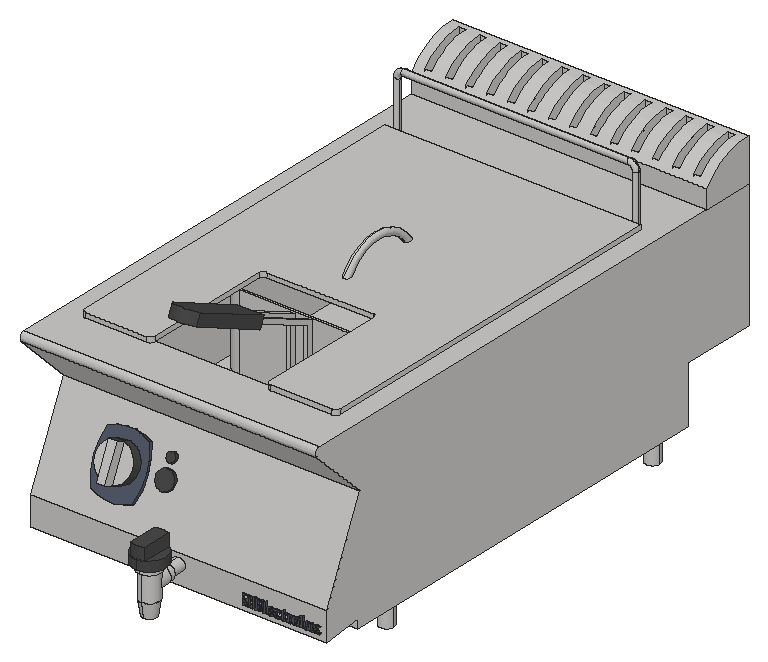
Revit family "QF_ELECTROLUXPROFESSIONAL_371066_E7FRGD1B00", category Specialty Equipment, Revit 2018
Family settings
  Round Connector Dimension = Use Diameter
  Part Type = Normal
  Work Plane-Based = No
  Always vertical = Yes
  Cut with Voids When Loaded = No
  Shared = No
  Room Calculation Point = No
Parameters
  Width = 400 mm  # constant formula
  Weight in Pounds = 66  # constant formula
  Watts = 0 W
  URL Cutsheet = "www.electrolux.com/foodservice"
  URL = "www.electrolux.com/foodservice"
  Type Mark [instance] = ""
  Status [instance] = ""
  Specification by User [instance] = ""
  Specification by Manufacturer = ""
  Show Logo [instance] = yes
  Show Clearance [instance] = yes
  Serial Number = ""
  Seismic Rating = ""
  SMACNA No = ""
  Revision Code [instance] = ""
  Omniclass Number and Title = ""
  NAFEM Spec ID Number = ""
  Model = "371066"
  Mechanical Remarks [instance] = ""
  Mechanical Connection Type [instance] = ""
  Masterspec = ""
  Manufacturer = "ELECTROLUX"
  Item Number [instance] = ""
  Installed By [instance] = ""
  Identify Quantity as Lot [instance] = yes
  Height = 333 mm  # constant formula
  HP = "0 HP"
  Gas Size = 12.7 mm  # 1/2"
  Gas RI Height [instance] = 0 mm
  Gas KW [instance] = 7  # constant formula
  Gas Input [instance] = 6993.55 VA  # 23863.0 Btu/h
  Gas Connection Height = 0 mm
  Furnished By [instance] = ""
  Foodservice Equipment Identifier [instance] = yes
  Direct Waste Size = 0"
  Description = "700XP One 7 Lt. Well Gas Fryer Top - LPG/Natural Gas"
  Depth = 730 mm  # constant formula
  CSI MasterFormat = ""
  CSI Master Format = ""
  Base Height [instance] = 25.4 mm  # constant formula
Reference planes
  plane 1 "BACK": y = 0
  plane 2: z = 0
  plane 3 "LEFT": x = 0
  plane 4 "RIGHT": x = 400
  plane 5 "FRONT": y = -730
  plane 6 "TOP": z = 333
  plane 7 "Center Y": x = 200
  plane 8 "Center X": y = -365
  plane 9 "BASE": z = 25.4
  plane 10 "TOP A": z = 274.638
  plane 11: y = -597.884
  plane 12: y = -147.637
Forms (mm)
  Extrusion 1, solid, material "QF_Finishes_Stainless Steel"
    sketch origin (0, 0, 0) x (0, 1, 0) y (0, 0, 1)
      loop
        line (0, 274.638) -> (-725.027, 274.638)
        arc (-725.027, 274.638) -> (-730.893, 270.718) -> (-729.517, 263.797) r 6.35
        line (-729.517, 263.797) -> (-657.416, 191.447) -> (-713.522, 70.59) -> (-713.522, 32.49) -> (-660.4, 38.1) -> (-660.4, 25.4) -> (-101.6, 25.4) -> (-101.6, 103.188) -> (0, 103.188) -> (0, 274.638)
    from 0 to 400
  Extrusion 2, solid, material "QF_Finishes_Stainless Steel"
    sketch origin (0, 0, 0) x (0, 1, 0) y (0, 0, 1)
      loop
        line (0, 274.638) -> (0, 333)
        arc (0, 333) -> (-38.795, 324.72) -> (-69.85, 300.038) r 86.758
        line (-69.85, 300.038) -> (-69.85, 274.638) -> (0, 274.638)
    from 0 to 400
  Extrusion 3, void
    sketch origin (0, 0, 274.638) x (-1, 0, 0) y (0, -1, 0)
      loop
        line (-33.338, 147.762) -> (-33.338, 655.762) -> (-366.662, 655.762) -> (-366.662, 147.762) -> (-33.338, 147.762)
    from 0 to -152.4
  Extrusion 4, solid, material "QF_Finishes_Stainless Steel"
    sketch origin (0, 0, 274.638) x (-1, 0, 0) y (0, -1, 0)
      loop
        arc (-26.988, 655.762) -> (-28.847, 660.252) -> (-33.338, 662.112) r 6.35
        line (-33.338, 662.112) -> (-115.863, 662.112)
        arc (-115.863, 662.112) -> (-120.353, 660.252) -> (-122.213, 655.762) r 6.35
        line (-122.213, 655.762) -> (-122.213, 481.137)
        arc (-122.213, 481.137) -> (-124.072, 476.646) -> (-128.563, 474.787) r 6.35
        line (-128.563, 474.787) -> (-271.412, 474.787)
        arc (-271.412, 474.787) -> (-275.903, 476.646) -> (-277.762, 481.137) r 6.35
        line (-277.762, 481.137) -> (-277.762, 655.762)
        arc (-277.762, 655.762) -> (-279.622, 660.252) -> (-284.112, 662.112) r 6.35
        line (-284.112, 662.112) -> (-366.662, 662.112)
        arc (-366.662, 662.112) -> (-371.153, 660.252) -> (-373.012, 655.762) r 6.35
        line (-373.012, 655.762) -> (-373.012, 147.762) -> (-26.988, 147.762) -> (-26.988, 655.762)
    from 0 to 6.35
  Sweep 5, solid, material "QF_Finishes_Stainless Steel"
    path origin (200, 0, 0) x (0, 1, 0) y (0, 0, 1)
      loop
        arc (-323.261, 274.638) -> (-377.7, 308.416) -> (-432.139, 274.638) r 60.757
    profile origin (200, -377.7, 308.416) x (0, 0, -1) y (1, 0, 0)
      loop
        circle (0, 0) r 4.353
  Sweep 6, solid, material "QF_Finishes_Stainless Steel"
    path origin (0, 0, 0) x (1, 0, 0) y (0, 0, 1)
      loop
        line (39.688, 274.263) -> (39.688, 339.35)
        arc (39.688, 339.35) -> (41.547, 343.84) -> (46.038, 345.7) r 6.35
        line (46.038, 345.7) -> (352.25, 345.7)
        arc (352.25, 345.7) -> (356.74, 343.84) -> (358.6, 339.35) r 6.35
        line (358.6, 339.35) -> (358.6, 274.263)
    profile origin (39.688, 0, 306.806) x (-1, 0, 0) y (0, -1, 0)
      loop
        circle (2.09, 140.754) r 3.827
  Extrusion 7, void
    sketch origin (0, 0, 274.638) x (-1, 0, 0) y (0, -1, 0)
      loop
        line (-13.453, 6.761) -> (-13.453, 63.911) -> (-22.749, 63.911) -> (-22.749, 6.761) -> (-13.453, 6.761)
    from 25.4 to 63.5
  Extrusion 8, void
    sketch origin (400.05, 0, 274.638) x (1, 0, 0) y (0, 1, 0)
      loop
        line (-13.503, -6.761) -> (-22.799, -6.761) -> (-22.799, -63.911) -> (-13.503, -63.911) -> (-13.503, -6.761)
    from 25.4 to 63.5
  Extrusion 9, void
    sketch origin (27.988, 0, 274.638) x (-1, 0, 0) y (0, -1, 0)
      loop
        line (-13.453, 6.761) -> (-13.453, 63.911) -> (-22.749, 63.911) -> (-22.749, 6.761) -> (-13.453, 6.761)
    from 25.4 to 63.5
  Extrusion 10, void
    sketch origin (55.977, 0, 274.638) x (-1, 0, 0) y (0, -1, 0)
      loop
        line (-13.453, 6.761) -> (-13.453, 63.911) -> (-22.749, 63.911) -> (-22.749, 6.761) -> (-13.453, 6.761)
    from 25.4 to 63.5
  Extrusion 11, void
    sketch origin (83.965, 0, 274.638) x (-1, 0, 0) y (0, -1, 0)
      loop
        line (-13.428, 6.761) -> (-13.428, 63.911) -> (-22.724, 63.911) -> (-22.724, 6.761) -> (-13.428, 6.761)
    from 25.4 to 63.5
  Extrusion 12, void
    sketch origin (111.953, 0, 274.638) x (-1, 0, 0) y (0, -1, 0)
      loop
        line (-13.428, 6.761) -> (-13.428, 63.911) -> (-22.724, 63.911) -> (-22.724, 6.761) -> (-13.428, 6.761)
    from 25.4 to 63.5
  Extrusion 13, void
    sketch origin (139.942, 0, 274.638) x (-1, 0, 0) y (0, -1, 0)
      loop
        line (-13.428, 6.761) -> (-13.428, 63.911) -> (-22.724, 63.911) -> (-22.724, 6.761) -> (-13.428, 6.761)
    from 25.4 to 63.5
  Extrusion 14, void
    sketch origin (167.93, 0, 274.638) x (-1, 0, 0) y (0, -1, 0)
      loop
        line (-13.428, 6.761) -> (-13.428, 63.911) -> (-22.724, 63.911) -> (-22.724, 6.761) -> (-13.428, 6.761)
    from 25.4 to 63.5
  Extrusion 15, void
    sketch origin (195.918, 0, 274.638) x (-1, 0, 0) y (0, -1, 0)
      loop
        line (-13.428, 6.761) -> (-13.428, 63.911) -> (-22.724, 63.911) -> (-22.724, 6.761) -> (-13.428, 6.761)
    from 25.4 to 63.5
  Extrusion 16, void
    sketch origin (223.907, 0, 274.638) x (-1, 0, 0) y (0, -1, 0)
      loop
        line (-13.428, 6.761) -> (-13.428, 63.911) -> (-22.724, 63.911) -> (-22.724, 6.761) -> (-13.428, 6.761)
    from 25.4 to 63.5
  Extrusion 17, void
    sketch origin (251.895, 0, 274.638) x (-1, 0, 0) y (0, -1, 0)
      loop
        line (-13.428, 6.761) -> (-13.428, 63.911) -> (-22.724, 63.911) -> (-22.724, 6.761) -> (-13.428, 6.761)
    from 25.4 to 63.5
  Extrusion 18, void
    sketch origin (279.884, 0, 274.638) x (-1, 0, 0) y (0, -1, 0)
      loop
        line (-13.403, 6.761) -> (-13.403, 63.911) -> (-22.699, 63.911) -> (-22.699, 6.761) -> (-13.403, 6.761)
    from 25.4 to 63.5
  Extrusion 19, void
    sketch origin (307.872, 0, 274.638) x (-1, 0, 0) y (0, -1, 0)
      loop
        line (-13.403, 6.761) -> (-13.403, 63.911) -> (-22.699, 63.911) -> (-22.699, 6.761) -> (-13.403, 6.761)
    from 25.4 to 63.5
  Extrusion 20, void
    sketch origin (335.86, 0, 274.638) x (-1, 0, 0) y (0, -1, 0)
      loop
        line (-13.403, 6.761) -> (-13.403, 63.911) -> (-22.699, 63.911) -> (-22.699, 6.761) -> (-13.403, 6.761)
    from 25.4 to 63.5
  Extrusion 21, solid, material "QF_Finishes_Stainless Steel"
    sketch origin (0, 0, 0) x (1, 0, 0) y (0, 1, 0)
      loop
        circle (11.112, -147.638) r 9.525
      loop
        circle (11.112, -597.884) r 9.525
      loop
        circle (388.887, -147.638) r 9.525
      loop
        circle (388.887, -597.884) r 9.525
    from 0 to 25.4
  Extrusion 22, solid, material "QF_Finishes_Navy Blue"
    sketch origin (-60.325, -713.522, 70.59) x (0, 0.421077, 0.907025) y (-1, 0, 0)
      loop
        arc (101.077, -132.565) -> (66.2, -125.548) -> (31.333, -132.61) r 89.894
        arc (31.333, -132.61) -> (24.638, -161.14) -> (31.333, -189.671) r 64.14
        arc (31.333, -189.671) -> (66.2, -196.736) -> (101.077, -189.715) r 89.853
        arc (101.077, -189.715) -> (107.792, -161.14) -> (101.077, -132.565) r 64.16
    from 0 to 3.175
  Extrusion 23, solid, material "QF_Finishes_Stainless Steel"
    sketch origin (-60.325, -716.402, 71.927) x (0, 0.421077, 0.907025) y (-1, 0, 0)
      loop
        circle (68.826, -160.963) r 25.4
    from 0 to 12.7
  Extrusion 24, solid, material "QF_Finishes_Stainless Steel"
    sketch origin (-60.325, -727.921, 77.275) x (0, 0.421077, 0.907025) y (-1, 0, 0)
      loop
        arc (93.558, -166.749) -> (94.226, -160.963) -> (93.558, -155.177) r 25.4
        line (93.558, -155.177) -> (44.094, -155.177)
        arc (44.094, -155.177) -> (43.426, -160.963) -> (44.094, -166.749) r 25.4
        line (44.094, -166.749) -> (93.558, -166.749)
    from 0 to 12.7
  Extrusion 25, solid, material "QF_Finishes_Black"
    sketch origin (0, -713.522, 70.59) x (0, 0.421077, 0.907025) y (-1, 0, 0)
      loop
        circle (93.566, -160.648) r 6.35
    from 0 to 3.175
  Extrusion 26, solid, material "QF_Finishes_Black"
    sketch origin (0, -713.522, 70.59) x (0, 0.421077, 0.907025) y (-1, 0, 0)
      loop
        circle (68.272, -160.648) r 12.7
    from 0 to 3.175
  Revolve 27, solid, material "QF_Finishes_Stainless Steel"
    sketch origin (200.025, 0, 0) x (0, 1, 0) y (0, 0, 1)
      loop
        line (-762.926, 17.277) -> (-753.917, 17.277) -> (-750.301, 37.788) -> (-750.301, 74.129) -> (-747.023, 74.129) -> (-747.023, 82.008) -> (-740.673, 82.008) -> (-740.673, 94.708) -> (-762.926, 94.708) -> (-762.926, 17.277)
      axis (-762.926, 17.277) -> (-762.926, 94.708)
    angle from 0 to 360
  Revolve 28, solid, material "QF_Finishes_Stainless Steel"
    sketch origin (200.025, 0, 0) x (0, 1, 0) y (0, 0, 1)
      loop
        line (-713.522, 57.15) -> (-764.322, 57.15) -> (-764.322, 44.847) -> (-742.357, 44.847) -> (-742.357, 46.549) -> (-733.364, 46.549) -> (-733.364, 48.596) -> (-713.522, 48.596) -> (-713.522, 57.15)
      axis (-764.322, 57.15) -> (-713.522, 57.15)
    angle from 0 to 360
  Extrusion 29, solid, material "QF_Finishes_Black"
    sketch origin (200.025, -762.926, 94.708) x (0, 1, 0) y (-1, 0, 0)
      loop
        line (20.063, 9.626) -> (-20.063, 9.626)
        arc (-20.063, 9.626) -> (-22.253, 0) -> (-20.063, -9.626) r 22.253
        line (-20.063, -9.626) -> (20.063, -9.626)
        arc (20.063, -9.626) -> (22.253, 0) -> (20.063, 9.626) r 22.253
    from 0 to 16.412
  Extrusion 30, solid, material "QF_Finishes_Stainless Steel"
    sketch origin (0, -101.6, 103.188) x (0, 0, -1) y (-1, 0, 0)
      loop
        circle (43.882, -336.5) r 6.35
    from 0 to 12.7
  Extrusion 31, solid, material "QF_Finishes_Clearance", visible <- "Show Clearance", detail levels coarse
    sketch origin (0, 0, 0) x (1, 0, 0) y (0, 1, 0)
      loop
        line (0, -731.377) -> (0, 0) -> (400, 0) -> (400, -731.377) -> (550.019, -731.377) -> (550.019, 150.019) -> (-150.019, 150.019) -> (-150.019, -731.377) -> (0, -731.377)
    from 0 to 333
  Extrusion 32, solid, material "QF_Finishes_Black"
    sketch origin (265.962, -708.83, 366.66) x (0, 0.906308, -0.422618) y (-1, 0, 0)
      loop
        line (10.103, 47.345) -> (128.716, 47.345) -> (128.716, 84.58) -> (10.103, 84.58)
        arc (10.103, 84.58) -> (-0.124, 65.962) -> (10.103, 47.345) r 22.059
    from -15.884 to 0
  Extrusion 33, solid, material "QF_Finishes_Stainless Steel"
    sketch origin (265.962, 41.275, 0) x (0, 1, 0) y (0, 0, 1)
      loop
        line (-547.91, 165.638) -> (-547.91, 267.115) -> (-635.463, 307.942) -> (-638.147, 302.187) -> (-554.26, 263.07) -> (-554.26, 165.638) -> (-547.91, 165.638)
    from -80.476 to -74.619
  Extrusion 34, solid, material "QF_Finishes_Stainless Steel"
    sketch origin (134.088, 41.275, 0) x (0, 1, 0) y (0, 0, -1)
      loop
        line (-554.26, -263.07) -> (-638.147, -302.187) -> (-635.463, -307.942) -> (-547.91, -267.115) -> (-547.91, -165.638) -> (-554.26, -165.638) -> (-554.26, -263.07)
    from -80.476 to -74.619
  Extrusion 35, solid, material "QF_Finishes_Mesh"
    sketch origin (0, 0, 274.638) x (-1, 0, 0) y (0, -1, 0)
      loop
        arc (-116.6, 189.135) -> (-98.64, 196.575) -> (-91.2, 214.535) r 25.4
        line (-91.2, 214.535) -> (-91.2, 481.11)
        arc (-91.2, 481.11) -> (-98.64, 499.071) -> (-116.6, 506.51) r 25.4
        line (-116.6, 506.51) -> (-294.375, 506.51)
        arc (-294.375, 506.51) -> (-312.336, 499.071) -> (-319.775, 481.11) r 25.4
        line (-319.775, 481.11) -> (-319.775, 214.535)
        arc (-319.775, 214.535) -> (-312.336, 196.575) -> (-294.375, 189.135) r 25.4
        line (-294.375, 189.135) -> (-116.6, 189.135)
      loop
        arc (-116.6, 192.31) -> (-100.885, 198.82) -> (-94.375, 214.535) r 22.225
        line (-94.375, 214.535) -> (-94.375, 481.11)
        arc (-94.375, 481.11) -> (-100.885, 496.826) -> (-116.6, 503.335) r 22.225
        line (-116.6, 503.335) -> (-294.375, 503.335)
        arc (-294.375, 503.335) -> (-310.091, 496.826) -> (-316.6, 481.11) r 22.225
        line (-316.6, 481.11) -> (-316.6, 214.535)
        arc (-316.6, 214.535) -> (-310.091, 198.82) -> (-294.375, 192.31) r 22.225
        line (-294.375, 192.31) -> (-116.6, 192.31)
    from -109 to -5.315
  Extrusion 36, solid, material "QF_Finishes_Navy Blue", visible <- "Show Logo"
    sketch origin (0, -713.772, 32.49) x (0, 0, 1) y (-1, 0, 0)
      loop
        line (20.674, -296.698) -> (8.307, -296.698)
        arc (8.307, -296.698) -> (14.491, -301.27) -> (20.674, -296.698) r 6.467
      loop
        arc (20.674, -296.069) -> (19.505, -290.926) -> (14.849, -288.448) r 6.338
        line (14.849, -288.448) -> (14.849, -290.494)
        arc (14.849, -290.494) -> (16.333, -294.149) -> (19.778, -296.069) r 5.941
        line (19.778, -296.069) -> (20.674, -296.069)
      loop
        arc (9.203, -296.069) -> (12.648, -294.149) -> (14.132, -290.494) r 5.941
        line (14.132, -290.494) -> (14.132, -288.448)
        arc (14.132, -288.448) -> (9.438, -290.922) -> (8.148, -296.069) r 6.504
        line (8.148, -296.069) -> (9.203, -296.069)
      loop
        line (21.349, -287.979) -> (7.604, -287.979) -> (7.604, -301.742) -> (21.349, -301.742) -> (21.349, -287.979)
      loop
        arc (21.432, -304.71) -> (21.085, -304.352) -> (20.718, -304.69) r 0.358
        arc (20.718, -304.69) -> (20.404, -305.44) -> (19.687, -305.825) r 1.216
        line (19.687, -305.825) -> (9.274, -305.825)
        arc (9.274, -305.825) -> (8.614, -305.548) -> (8.218, -304.951) r 1.238
        arc (8.218, -304.951) -> (7.823, -304.7) -> (7.518, -305.054) r 0.358
        line (7.518, -305.054) -> (7.518, -314.933) -> (10.269, -314.933) -> (10.269, -314.036)
        arc (10.269, -314.036) -> (9.36, -313.456) -> (8.904, -312.479) r 1.928
        line (8.904, -312.479) -> (8.904, -309.98)
        arc (8.904, -309.98) -> (9.18, -309.251) -> (9.868, -308.887) r 1.101
        line (9.868, -308.887) -> (13.955, -308.887) -> (13.955, -312.561)
        arc (13.955, -312.561) -> (13.602, -313.058) -> (13.037, -313.286) r 1.083
        arc (13.037, -313.286) -> (12.773, -313.591) -> (13.065, -313.869) r 0.292
        line (13.065, -313.869) -> (16.028, -313.869)
        arc (16.028, -313.869) -> (16.33, -313.596) -> (16.092, -313.266) r 0.305
        arc (16.092, -313.266) -> (15.601, -313.018) -> (15.296, -312.561) r 1.083
        line (15.296, -312.561) -> (15.296, -308.887) -> (19.973, -308.887) -> (19.973, -312.635)
        arc (19.973, -312.635) -> (19.759, -313.39) -> (19.153, -313.888) r 1.314
        arc (19.153, -313.888) -> (18.934, -314.292) -> (19.288, -314.585) r 0.361
        line (19.288, -314.585) -> (21.432, -314.585) -> (21.432, -304.71)
      loop
        arc (20.715, -315.365) -> (20.335, -316.284) -> (19.416, -316.664) r 1.299
        line (19.416, -316.664) -> (9.837, -316.664)
        arc (9.837, -316.664) -> (8.999, -316.286) -> (8.728, -315.408) r 1.118
        line (8.728, -315.408) -> (7.518, -315.408) -> (7.518, -320.758) -> (8.706, -320.758)
        arc (8.706, -320.758) -> (8.978, -319.841) -> (9.848, -319.445) r 1.153
        line (9.848, -319.445) -> (21.92, -319.445) -> (20.715, -315.365)
      loop
        line (12.483, -323.394) -> (12.483, -329.842) -> (13.282, -329.842)
        arc (13.282, -329.842) -> (15.862, -328.857) -> (17.131, -326.404) r 3.874
        line (17.131, -326.404) -> (17.131, -324.643)
        arc (17.131, -324.643) -> (15.944, -321.778) -> (13.08, -320.592) r 4.051
        line (13.08, -320.592) -> (11.072, -320.592)
        arc (11.072, -320.592) -> (8.253, -322.077) -> (7.202, -325.084) r 4.352
        arc (7.202, -325.084) -> (7.566, -327.547) -> (8.943, -329.621) r 5.713
        line (8.943, -329.621) -> (9.892, -329.621)
        arc (9.892, -329.621) -> (9.16, -328.052) -> (8.943, -326.334) r 5.579
        arc (8.943, -326.334) -> (9.737, -324.371) -> (11.616, -323.394) r 3.057
        line (11.616, -323.394) -> (12.483, -323.394)
      loop
        line (13.742, -323.394) -> (13.742, -326.977)
        arc (13.742, -326.977) -> (15.199, -327.024) -> (16.082, -325.864) r 1.59
        line (16.082, -325.864) -> (16.082, -325.034)
        arc (16.082, -325.034) -> (15.217, -323.779) -> (13.742, -323.394) r 2.184
      loop
        arc (16.533, -339.259) -> (17.022, -337.585) -> (17.179, -335.848) r 9.023
        line (17.179, -335.848) -> (17.179, -334.486)
        arc (17.179, -334.486) -> (16.02, -331.686) -> (13.22, -330.527) r 3.959
        line (13.22, -330.527) -> (10.62, -330.527)
        arc (10.62, -330.527) -> (8.338, -331.819) -> (7.221, -334.192) r 4.331
        line (7.221, -334.192) -> (7.221, -336.327)
        arc (7.221, -336.327) -> (7.729, -337.877) -> (8.651, -339.223) r 5.772
        arc (8.651, -339.223) -> (9.412, -339.274) -> (9.499, -338.515) r 0.553
        arc (9.499, -338.515) -> (9.111, -337.781) -> (8.977, -336.962) r 2.573
        line (8.977, -336.962) -> (8.977, -335.447)
        arc (8.977, -335.447) -> (9.983, -333.806) -> (11.798, -333.163) r 2.884
        line (11.798, -333.163) -> (13.077, -333.163)
        arc (13.077, -333.163) -> (14.898, -333.723) -> (15.824, -335.388) r 2.554
        line (15.824, -335.388) -> (15.824, -336.441)
        arc (15.824, -336.441) -> (15.493, -337.369) -> (14.836, -338.104) r 2.564
        arc (14.836, -338.104) -> (14.614, -338.821) -> (15.223, -339.259) r 0.643
        line (15.223, -339.259) -> (16.533, -339.259)
      loop
        line (15.515, -339.53) -> (15.515, -341.031) -> (9.467, -341.031)
        arc (9.467, -341.031) -> (7.879, -341.688) -> (7.221, -343.276) r 2.246
        line (7.221, -343.276) -> (7.221, -344.86)
        arc (7.221, -344.86) -> (7.535, -345.725) -> (8.035, -346.496) r 4.06
        arc (8.035, -346.496) -> (8.768, -346.629) -> (9.019, -345.928) r 0.576
        arc (9.019, -345.928) -> (8.913, -345.403) -> (8.977, -344.87) r 1.69
        arc (8.977, -344.87) -> (9.519, -344.082) -> (10.425, -343.779) r 1.506
        line (10.425, -343.779) -> (15.563, -343.779) -> (15.563, -346.176) -> (16.119, -346.733) -> (16.941, -346.733) -> (16.941, -343.873) -> (20.172, -343.873) -> (15.515, -339.53)
      loop
        line (7.438, -347.63) -> (7.438, -353.017) -> (8.548, -353.017)
        arc (8.548, -353.017) -> (8.942, -352.066) -> (9.893, -351.672) r 1.345
        line (9.893, -351.672) -> (13.509, -351.672)
        arc (13.509, -351.672) -> (14.274, -352.264) -> (14.564, -353.186) r 1.615
        line (14.564, -353.186) -> (14.564, -354.742) -> (17.119, -355.427) -> (17.119, -354.044) -> (15.177, -351.485) -> (17.057, -351.485) -> (16.773, -348.779)
        arc (16.773, -348.779) -> (16.333, -348.249) -> (15.674, -348.45) r 0.621
        arc (15.674, -348.45) -> (15.274, -348.792) -> (14.78, -348.975) r 1.501
        line (14.78, -348.975) -> (9.893, -348.975)
        arc (9.893, -348.975) -> (8.942, -348.581) -> (8.548, -347.63) r 1.345
        line (8.548, -347.63) -> (7.438, -347.63)
      loop
        line (13.54, -354.964) -> (10.848, -354.964)
        arc (10.848, -354.964) -> (8.403, -356.272) -> (7.269, -358.803) r 4.288
        arc (7.269, -358.803) -> (7.205, -360.183) -> (7.269, -361.563) r 15.022
        arc (7.269, -361.563) -> (8.403, -364.094) -> (10.848, -365.401) r 4.288
        line (10.848, -365.401) -> (13.54, -365.401)
        arc (13.54, -365.401) -> (15.986, -364.094) -> (17.119, -361.563) r 4.288
        arc (17.119, -361.563) -> (17.183, -360.183) -> (17.119, -358.803) r 15.022
        arc (17.119, -358.803) -> (15.986, -356.272) -> (13.54, -354.964) r 4.288
      loop
        line (13.745, -358.078) -> (10.643, -358.078)
        arc (10.643, -358.078) -> (8.486, -360.235) -> (10.643, -362.392) r 2.157
        line (10.643, -362.392) -> (13.745, -362.392)
        arc (13.745, -362.392) -> (15.902, -360.235) -> (13.745, -358.078) r 2.157
      loop
        arc (20.726, -365.26) -> (20.355, -366.154) -> (19.461, -366.524) r 1.264
        line (19.461, -366.524) -> (9.597, -366.524)
        arc (9.597, -366.524) -> (8.727, -366.127) -> (8.455, -365.211) r 1.153
        line (8.455, -365.211) -> (7.518, -365.211) -> (7.518, -370.319) -> (8.446, -370.319)
        arc (8.446, -370.319) -> (8.805, -369.547) -> (9.597, -369.232) r 1.153
        line (9.597, -369.232) -> (21.92, -369.232) -> (20.726, -365.26)
      loop
        arc (15.846, -369.857) -> (15.647, -370.921) -> (14.678, -371.403) r 1.215
        line (14.678, -371.403) -> (9.658, -371.403)
        arc (9.658, -371.403) -> (8.043, -372.051) -> (7.322, -373.634) r 2.338
        line (7.322, -373.634) -> (7.322, -375.148)
        arc (7.322, -375.148) -> (7.497, -376.152) -> (7.999, -377.038) r 2.979
        line (7.999, -377.038) -> (7.518, -378.835) -> (7.518, -380.524) -> (16.943, -380.524) -> (16.649, -376.32) -> (15.863, -376.32)
        arc (15.863, -376.32) -> (15.507, -377.156) -> (14.755, -377.665) r 1.605
        line (14.755, -377.665) -> (9.652, -377.665)
        arc (9.652, -377.665) -> (9.232, -376.728) -> (9.159, -375.704) r 2.94
        arc (9.159, -375.704) -> (9.72, -374.603) -> (10.873, -374.16) r 1.724
        line (10.873, -374.16) -> (17.07, -374.16) -> (15.846, -369.857)
      loop
        line (16.874, -381.377) -> (15.202, -383.423) -> (12.028, -385.729) -> (8.572, -382.617)
        arc (8.572, -382.617) -> (8.335, -382.223) -> (8.357, -381.764) r 0.789
        line (8.357, -381.764) -> (7.518, -381.764) -> (7.518, -385.309) -> (8.344, -385.309)
        arc (8.344, -385.309) -> (8.686, -384.947) -> (9.176, -385.039) r 0.52
        line (9.176, -385.039) -> (10.976, -386.51) -> (8.858, -387.886)
        arc (8.858, -387.886) -> (8.457, -387.576) -> (8.37, -387.076) r 0.7
        line (8.37, -387.076) -> (7.518, -387.076) -> (7.518, -393.003) -> (8.405, -393.003)
        arc (8.405, -393.003) -> (8.472, -392.344) -> (8.866, -391.813) r 1.247
        line (8.866, -391.813) -> (13.066, -388.532) -> (15.513, -390.585) -> (16.874, -392.327) -> (16.874, -388.604) -> (15.389, -389.026) -> (13.868, -387.749) -> (15.568, -386.559) -> (16.874, -387.336) -> (16.874, -381.377)
    from 0 to 1.644
Cuts and joins
  Extrusion 3, Extrusion 7 cuts Extrusion 1
  joined: Extrusion 4, Sweep 5
  Extrusion 7, Extrusion 8, Extrusion 9, Extrusion 10, Extrusion 11, Extrusion 12, Extrusion 13, Extrusion 14, Extrusion 15, Extrusion 16, Extrusion 17, Extrusion 18, Extrusion 19, Extrusion 20 cuts Extrusion 2
  joined: Extrusion 23, Extrusion 24
Lines and regions (mm)
  symbolic lines, style "QF-Clearances", visible <- "Show Clearance", detail levels coarse
    curve 1: line (-150.019, 150.019, 274.638) -> (-150.019, -731.377, 274.638)
    curve 2: line (550.019, 150.019, 274.638) -> (-150.019, 150.019, 274.638)
    curve 3: line (550.019, -731.377, 274.638) -> (550.019, 150.019, 274.638)
  symbolic lines
    curve 4: line (0, 0, 274.638) -> (400, 0, 274.638)
    curve 5: line (0, -730, 274.638) -> (0, 0, 274.638)
    curve 6: line (400, 0, 274.638) -> (400, -730, 274.638)
    curve 7: line (22.724, -6.761, 274.638) -> (22.724, -63.911, 274.638)
    curve 8: line (22.724, -63.911, 274.638) -> (13.428, -63.911, 274.638)
    curve 9: line (13.428, -63.911, 274.638) -> (13.428, -6.761, 274.638)
    curve 10: line (13.428, -6.761, 274.638) -> (22.724, -6.761, 274.638)
    curve 11: line (386.547, -6.761, 274.638) -> (386.547, -63.911, 274.638)
    curve 12: line (386.547, -63.911, 274.638) -> (377.251, -63.911, 274.638)
    curve 13: line (377.251, -63.911, 274.638) -> (377.251, -6.761, 274.638)
    curve 14: line (377.251, -6.761, 274.638) -> (386.547, -6.761, 274.638)
    curve 15: line (50.712, -6.761, 274.638) -> (50.712, -63.911, 274.638)
    curve 16: line (50.712, -63.911, 274.638) -> (41.416, -63.911, 274.638)
    curve 17: line (41.416, -63.911, 274.638) -> (41.416, -6.761, 274.638)
    curve 18: line (41.416, -6.761, 274.638) -> (50.712, -6.761, 274.638)
    curve 19: line (78.7, -6.761, 274.638) -> (78.7, -63.911, 274.638)
    curve 20: line (78.7, -63.911, 274.638) -> (69.405, -63.911, 274.638)
    curve 21: line (69.405, -63.911, 274.638) -> (69.405, -6.761, 274.638)
    curve 22: line (69.405, -6.761, 274.638) -> (78.7, -6.761, 274.638)
    curve 23: line (106.689, -6.761, 274.638) -> (106.689, -63.911, 274.638)
    curve 24: line (106.689, -63.911, 274.638) -> (97.393, -63.911, 274.638)
    curve 25: line (97.393, -63.911, 274.638) -> (97.393, -6.761, 274.638)
    curve 26: line (97.393, -6.761, 274.638) -> (106.689, -6.761, 274.638)
    curve 27: line (134.677, -6.761, 274.638) -> (134.677, -63.911, 274.638)
    curve 28: line (134.677, -63.911, 274.638) -> (125.381, -63.911, 274.638)
    curve 29: line (125.381, -63.911, 274.638) -> (125.381, -6.761, 274.638)
    curve 30: line (125.381, -6.761, 274.638) -> (134.677, -6.761, 274.638)
    curve 31: line (162.665, -6.761, 274.638) -> (162.665, -63.911, 274.638)
    curve 32: line (162.665, -63.911, 274.638) -> (153.37, -63.911, 274.638)
    curve 33: line (153.37, -63.911, 274.638) -> (153.37, -6.761, 274.638)
    curve 34: line (153.37, -6.761, 274.638) -> (162.665, -6.761, 274.638)
    curve 35: line (190.654, -6.761, 274.638) -> (190.654, -63.911, 274.638)
    curve 36: line (190.654, -63.911, 274.638) -> (181.358, -63.911, 274.638)
    curve 37: line (181.358, -63.911, 274.638) -> (181.358, -6.761, 274.638)
    curve 38: line (181.358, -6.761, 274.638) -> (190.654, -6.761, 274.638)
    curve 39: line (218.642, -6.761, 274.638) -> (218.642, -63.911, 274.638)
    curve 40: line (218.642, -63.911, 274.638) -> (209.346, -63.911, 274.638)
    curve 41: line (209.346, -63.911, 274.638) -> (209.346, -6.761, 274.638)
    curve 42: line (209.346, -6.761, 274.638) -> (218.642, -6.761, 274.638)
    curve 43: line (246.605, -6.761, 274.638) -> (246.605, -63.911, 274.638)
    curve 44: line (246.605, -63.911, 274.638) -> (237.31, -63.911, 274.638)
    curve 45: line (237.31, -63.911, 274.638) -> (237.31, -6.761, 274.638)
    curve 46: line (237.31, -6.761, 274.638) -> (246.605, -6.761, 274.638)
    curve 47: line (274.594, -6.761, 274.638) -> (274.594, -63.911, 274.638)
    curve 48: line (274.594, -63.911, 274.638) -> (265.298, -63.911, 274.638)
    curve 49: line (265.298, -63.911, 274.638) -> (265.298, -6.761, 274.638)
    curve 50: line (265.298, -6.761, 274.638) -> (274.594, -6.761, 274.638)
    curve 51: line (302.582, -6.761, 274.638) -> (302.582, -63.911, 274.638)
    curve 52: line (302.582, -63.911, 274.638) -> (293.286, -63.911, 274.638)
    curve 53: line (293.286, -63.911, 274.638) -> (293.286, -6.761, 274.638)
    curve 54: line (293.286, -6.761, 274.638) -> (302.582, -6.761, 274.638)
    curve 55: line (330.57, -6.761, 274.638) -> (330.57, -63.911, 274.638)
    curve 56: line (330.57, -63.911, 274.638) -> (321.275, -63.911, 274.638)
    curve 57: line (321.275, -63.911, 274.638) -> (321.275, -6.761, 274.638)
    curve 58: line (321.275, -6.761, 274.638) -> (330.57, -6.761, 274.638)
    curve 59: line (358.559, -6.761, 274.638) -> (358.559, -63.911, 274.638)
    curve 60: line (358.559, -63.911, 274.638) -> (349.263, -63.911, 274.638)
    curve 61: line (349.263, -63.911, 274.638) -> (349.263, -6.761, 274.638)
    curve 62: line (349.263, -6.761, 274.638) -> (358.559, -6.761, 274.638)
    curve 63: line (26.988, -147.762, 274.638) -> (26.988, -655.762, 274.638)
    curve 64: arc (26.988, -655.762, 274.638) -> (28.847, -660.252, 274.638) -> (33.338, -662.112, 274.638) r 6.35
    curve 65: line (33.338, -662.112, 274.638) -> (115.863, -662.112, 274.638)
    curve 66: arc (115.863, -662.112, 274.638) -> (120.353, -660.252, 274.638) -> (122.213, -655.762, 274.638) r 6.35
    curve 67: line (122.213, -655.762, 274.638) -> (122.213, -481.012, 274.638)
    curve 68: arc (122.213, -481.012, 274.638) -> (124.072, -476.521, 274.638) -> (128.563, -474.662, 274.638) r 6.35
    curve 69: line (128.563, -474.662, 274.638) -> (271.412, -474.662, 274.638)
    curve 70: arc (271.412, -474.662, 274.638) -> (275.903, -476.521, 274.638) -> (277.762, -481.012, 274.638) r 6.35
    curve 71: line (277.762, -481.012, 274.638) -> (277.762, -655.762, 274.638)
    curve 72: arc (277.762, -655.762, 274.638) -> (279.622, -660.252, 274.638) -> (284.112, -662.112, 274.638) r 6.35
    curve 73: line (284.112, -662.112, 274.638) -> (366.662, -662.112, 274.638)
    curve 74: arc (366.662, -662.112, 274.638) -> (371.153, -660.252, 274.638) -> (373.012, -655.762, 274.638) r 6.35
    curve 75: line (373.012, -655.762, 274.638) -> (373.012, -147.762, 274.638)
    curve 76: line (373.012, -147.762, 274.638) -> (26.988, -147.762, 274.638)
    curve 77: line (31.725, -69.85, 274.638) -> (0, -69.85, 274.638)
    curve 78: line (0, -69.85, 274.638) -> (0, -120.65, 274.638)
    curve 79: line (0, -69.85, 274.638) -> (400, -69.85, 274.638)
    curve 80: line (201.587, -147.762, 274.638) -> (366.662, -147.762, 274.638)
    curve 81: line (33.338, -147.762, 274.638) -> (198.412, -147.762, 274.638)
    curve 82: line (218.617, -706.386, 274.638) -> (218.617, -592.174, 274.638)
    curve 83: line (181.383, -592.174, 274.638) -> (181.383, -706.386, 274.638)
    curve 84: line (218.617, -592.174, 274.638) -> (181.383, -592.174, 274.638)
    curve 85: spline (218.617, -706.386, 274.638) -> (216.385, -709.048, 274.638) -> (213.694, -711.336, 274.638) -> (210.621, -713.185, 274.638) -> (207.25, -714.544, 274.638) -> (203.676, -715.375, 274.638) -> (200, -715.655, 274.638) -> (196.324, -715.375, 274.638) -> (192.75, -714.544, 274.638) -> (189.379, -713.185, 274.638) -> (186.306, -711.336, 274.638) -> (183.615, -709.048, 274.638) -> (181.383, -706.386, 274.638)
    curve 86: line (218.617, -655.762, 274.638) -> (277.762, -655.762, 274.638)
    curve 87: line (181.383, -655.762, 274.638) -> (122.213, -655.762, 274.638)
    curve 88: line (191.318, -506.51, 274.638) -> (191.318, -592.174, 274.638)
    curve 89: line (185.462, -592.174, 274.638) -> (185.462, -506.51, 274.638)
    curve 90: line (214.538, -506.51, 274.638) -> (214.538, -592.174, 274.638)
    curve 91: line (208.682, -592.174, 274.638) -> (208.682, -506.51, 274.638)
    curve 92: spline (181.383, -699.673, 274.638) -> (183.615, -702.336, 274.638) -> (186.306, -704.623, 274.638) -> (189.379, -706.473, 274.638) -> (192.75, -707.832, 274.638) -> (196.324, -708.663, 274.638) -> (200, -708.942, 274.638) -> (203.676, -708.663, 274.638) -> (207.25, -707.832, 274.638) -> (210.621, -706.473, 274.638) -> (213.694, -704.623, 274.638) -> (216.385, -702.336, 274.638) -> (218.617, -699.673, 274.638)
    curve 93: line (195.545, -428.432, 274.638) -> (195.545, -326.969, 274.638)
    curve 94: line (204.443, -326.969, 274.638) -> (204.443, -428.432, 274.638)
    curve 95: arc (195.545, -428.432, 274.638) -> (199.994, -432.882, 274.638) -> (204.443, -428.432, 274.638) r 4.449
    curve 96: arc (195.545, -326.969, 274.638) -> (199.994, -322.52, 274.638) -> (204.443, -326.969, 274.638) r 4.449
    curve 97: line (400, -730, 274.638) -> (0, -730, 274.638)
    curve 98: line (37.598, -136.927, 274.638) -> (362.402, -136.927, 274.638)
    curve 99: line (37.598, -144.582, 274.638) -> (37.598, -136.927, 274.638)
    curve 100: line (362.402, -144.582, 274.638) -> (37.598, -144.582, 274.638)
    curve 101: line (362.402, -136.927, 274.638) -> (362.402, -144.582, 274.638)
    curve 102: line (122.213, -506.51, 274.638) -> (277.762, -506.51, 274.638)
    curve 103: line (122.213, -503.335, 274.638) -> (277.762, -503.335, 274.638)
    curve 104: arc (200, -785.179, 274.638) -> (222.253, -762.926, 274.638) -> (200, -740.673, 274.638) r 22.253
    curve 105: arc (200, -740.673, 274.638) -> (177.747, -762.926, 274.638) -> (200, -785.179, 274.638) r 22.253
    curve 106: line (190.374, -742.863, 274.638) -> (190.374, -782.989, 274.638)
    curve 107: line (209.626, -782.989, 274.638) -> (209.626, -742.863, 274.638)
    curve 108: line (210.947, -743.552, 274.638) -> (210.947, -730, 274.638)
    curve 109: line (189.208, -743.465, 274.638) -> (189.208, -730, 274.638)
Dimensions and locks
  equal spacing: plane 3 "LEFT", plane 7 "Center Y", plane 4 "RIGHT"
  "Width": plane 3 "LEFT" to plane 4 "RIGHT"
  equal spacing: plane 5 "FRONT", plane 8 "Center X", plane 1 "BACK"
  "Depth": plane 5 "FRONT" to plane 1 "BACK"
  "Height": plane 6 "TOP" to level
  "Base Height": plane 9 "BASE" to level
  plane 1 "BACK" to plane 5 "FRONT" = 730 mm
  plane 10 "TOP A" to plane 9 "BASE" = 249.238 mm
  aligned and locked: level to plane 2
  aligned and locked: plane 4 "RIGHT" to Extrusion 1
  aligned and locked: plane 4 "RIGHT" to Extrusion 2
  aligned and locked: plane 9 "BASE" to Extrusion 21
  aligned and locked: plane 6 "TOP" to Extrusion 31
Automatic sketch dimensions
  Sweep 5 sketch curve to plane 10 "TOP A" = 0 mm  (x2)
  Sweep 5 sketch curve to plane 8 "Center X" = 67.139 mm
  Sweep 5 sketch curve to plane 8 "Center X" = 12.7 mm
  Sweep 5 sketch curve to plane 10 "TOP A" = 26.978 mm
  Sweep 5 sketch curve to plane 7 "Center Y" = 0 mm
  Sweep 5 sketch curve to profile plane = 0 mm
  plane 1 "BACK" to Extrusion 7 sketch curve = 6.761 mm
  plane 3 "LEFT" to Extrusion 7 sketch curve = 22.749 mm
  Extrusion 7 sketch curve to Extrusion 7 sketch curve = 9.296 mm
  Extrusion 7 sketch curve to Extrusion 7 sketch curve = 57.15 mm
  plane 1 "BACK" to Extrusion 9 sketch curve = 6.761 mm
  plane 3 "LEFT" to Extrusion 9 sketch curve = 50.737 mm
  Extrusion 9 sketch curve to Extrusion 9 sketch curve = 9.296 mm
  Extrusion 9 sketch curve to Extrusion 9 sketch curve = 57.15 mm
  plane 1 "BACK" to Extrusion 10 sketch curve = 6.761 mm
  plane 3 "LEFT" to Extrusion 10 sketch curve = 78.725 mm
  Extrusion 10 sketch curve to Extrusion 10 sketch curve = 9.296 mm
  Extrusion 10 sketch curve to Extrusion 10 sketch curve = 57.15 mm
  plane 1 "BACK" to Extrusion 11 sketch curve = 6.761 mm
  Extrusion 11 sketch curve to plane 7 "Center Y" = 93.311 mm
  Extrusion 11 sketch curve to Extrusion 11 sketch curve = 9.296 mm
  Extrusion 11 sketch curve to Extrusion 11 sketch curve = 57.15 mm
  plane 1 "BACK" to Extrusion 12 sketch curve = 6.761 mm
  Extrusion 12 sketch curve to plane 7 "Center Y" = 65.323 mm
  Extrusion 12 sketch curve to Extrusion 12 sketch curve = 9.296 mm
  Extrusion 12 sketch curve to Extrusion 12 sketch curve = 57.15 mm
  plane 1 "BACK" to Extrusion 13 sketch curve = 6.761 mm
  Extrusion 13 sketch curve to plane 7 "Center Y" = 37.335 mm
  Extrusion 13 sketch curve to Extrusion 13 sketch curve = 9.296 mm
  Extrusion 13 sketch curve to Extrusion 13 sketch curve = 57.15 mm
  Extrusion 14 sketch curve to plane 7 "Center Y" = 9.346 mm
  Extrusion 14 sketch curve to Extrusion 14 sketch curve = 9.296 mm
  plane 1 "BACK" to Extrusion 14 sketch curve = 6.761 mm
  Extrusion 14 sketch curve to Extrusion 14 sketch curve = 57.15 mm
  plane 1 "BACK" to Extrusion 15 sketch curve = 6.761 mm
  plane 7 "Center Y" to Extrusion 15 sketch curve = 18.642 mm
  Extrusion 15 sketch curve to Extrusion 15 sketch curve = 9.296 mm
  Extrusion 15 sketch curve to Extrusion 15 sketch curve = 57.15 mm
  plane 1 "BACK" to Extrusion 16 sketch curve = 6.761 mm
  plane 7 "Center Y" to Extrusion 16 sketch curve = 46.63 mm
  Extrusion 16 sketch curve to Extrusion 16 sketch curve = 9.296 mm
  Extrusion 16 sketch curve to Extrusion 16 sketch curve = 57.15 mm
  plane 1 "BACK" to Extrusion 17 sketch curve = 6.761 mm
  plane 7 "Center Y" to Extrusion 17 sketch curve = 74.619 mm
  Extrusion 17 sketch curve to Extrusion 17 sketch curve = 9.296 mm
  Extrusion 17 sketch curve to Extrusion 17 sketch curve = 57.15 mm
  Extrusion 1 sketch curve to plane 10 "TOP A" = 0 mm
  Extrusion 1 sketch curve to plane 9 "BASE" = 0 mm
  Extrusion 1 sketch curve to plane 1 "BACK" = 0 mm
  Extrusion 1 sketch curve to plane 12 = 46.038 mm
  plane 11 to Extrusion 1 sketch curve = 59.531 mm
  plane 9 "BASE" to Extrusion 1 sketch curve = 12.7 mm
  plane 11 to Extrusion 1 sketch curve = 62.516 mm
  Extrusion 1 sketch curve to plane 5 "FRONT" = 16.478 mm
  Extrusion 1 sketch curve to plane 5 "FRONT" = 4.973 mm
  Extrusion 1 sketch curve to plane 5 "FRONT" = 0.483 mm
  plane 9 "BASE" to Extrusion 1 sketch curve = 7.09 mm
  Extrusion 1 sketch curve to Extrusion 1 sketch curve = 38.1 mm
  plane 9 "BASE" to Extrusion 1 sketch curve = 77.788 mm
  Extrusion 1 sketch curve to plane 10 "TOP A" = 83.191 mm
  Extrusion 1 sketch curve to plane 10 "TOP A" = 10.84 mm
  Extrusion 2 sketch curve to plane 10 "TOP A" = 0 mm
  Extrusion 2 sketch curve to plane 1 "BACK" = 0 mm
  Extrusion 2 sketch curve to plane 6 "TOP" = 0 mm
  plane 1 "BACK" to Extrusion 2 sketch curve = 1.769 mm
  plane 10 "TOP A" to Extrusion 2 sketch curve = 25.4 mm
  plane 1 "BACK" to Extrusion 2 sketch curve = 69.85 mm
  plane 12 to Extrusion 3 sketch curve = 0.124 mm
  Extrusion 3 sketch curve to plane 4 "RIGHT" = 33.338 mm
  plane 3 "LEFT" to Extrusion 3 sketch curve = 33.338 mm
  plane 11 to Extrusion 3 sketch curve = 57.877 mm
  plane 12 to Extrusion 4 sketch curve = 0.124 mm
  Extrusion 4 sketch curve to plane 4 "RIGHT" = 26.988 mm
  Extrusion 4 sketch curve to Extrusion 4 sketch curve = 6.35 mm  (x6)
  Extrusion 4 sketch curve to Extrusion 4 sketch curve = 82.55 mm
  Extrusion 4 sketch curve to plane 11 = 116.748 mm
  Extrusion 4 sketch curve to plane 7 "Center Y" = 71.437 mm
  Extrusion 4 sketch curve to Extrusion 4 sketch curve = 174.625 mm
  Sweep 6 sketch curve to plane 6 "TOP" = 58.737 mm  (x2)
  plane 6 "TOP" to Sweep 6 sketch curve = 6.35 mm  (x2)
  plane 3 "LEFT" to Sweep 6 sketch curve = 39.688 mm
  Sweep 6 sketch curve to Sweep 6 sketch curve = 6.35 mm
  plane 7 "Center Y" to Sweep 6 sketch curve = 152.25 mm
  Sweep 6 sketch curve to profile plane = 2.09 mm
  plane 1 "BACK" to Sweep 6 sketch curve = 140.754 mm
  Extrusion 8 sketch curve to plane 1 "BACK" = 6.761 mm
  plane 4 "RIGHT" to Extrusion 8 sketch curve = 22.749 mm
  Extrusion 8 sketch curve to Extrusion 8 sketch curve = 9.296 mm
  Extrusion 8 sketch curve to Extrusion 8 sketch curve = 57.15 mm
  plane 1 "BACK" to Extrusion 18 sketch curve = 6.761 mm
  Extrusion 18 sketch curve to plane 4 "RIGHT" = 97.418 mm
  Extrusion 18 sketch curve to Extrusion 18 sketch curve = 9.296 mm
  Extrusion 18 sketch curve to Extrusion 18 sketch curve = 57.15 mm
  plane 1 "BACK" to Extrusion 19 sketch curve = 6.761 mm
  Extrusion 19 sketch curve to plane 4 "RIGHT" = 69.43 mm
  Extrusion 19 sketch curve to Extrusion 19 sketch curve = 9.296 mm
  Extrusion 19 sketch curve to Extrusion 19 sketch curve = 57.15 mm
  plane 1 "BACK" to Extrusion 20 sketch curve = 6.761 mm
  Extrusion 20 sketch curve to plane 4 "RIGHT" = 41.441 mm
  Extrusion 20 sketch curve to Extrusion 20 sketch curve = 9.296 mm
  Extrusion 20 sketch curve to Extrusion 20 sketch curve = 57.15 mm
  plane 11 to Extrusion 21 sketch curve = 0 mm  (x2)
  plane 12 to Extrusion 21 sketch curve = 0 mm  (x2)
  plane 3 "LEFT" to Extrusion 21 sketch curve = 11.112 mm  (x2)
  Extrusion 21 sketch curve to plane 4 "RIGHT" = 11.113 mm  (x2)
  Extrusion 22 sketch curve to Extrusion 1 = 31.333 mm  (x2)
  Extrusion 22 sketch curve to Extrusion 22 sketch curve = 12.3 mm  (x3)
  Extrusion 22 sketch curve to Extrusion 22 sketch curve = 34.925 mm  (x2)
  Extrusion 1 to Extrusion 22 sketch curve = 44.467 mm
  Extrusion 22 sketch curve to Extrusion 22 sketch curve = 25.727 mm  (x2)
  Extrusion 22 sketch curve to Extrusion 22 sketch curve = 28.575 mm
  Extrusion 24 sketch curve to Extrusion 24 sketch curve = 24.732 mm
  Extrusion 24 sketch curve to Extrusion 24 sketch curve = 0 mm
  Extrusion 1 to Extrusion 25 sketch curve = 39.678 mm
  Extrusion 1 to Extrusion 25 sketch curve = 239.352 mm
  Extrusion 26 sketch curve to Extrusion 1 = 68.272 mm
  Extrusion 1 to Extrusion 26 sketch curve = 239.352 mm
  Revolve 27 sketch curve to plane 9 "BASE" = 8.123 mm
  plane 5 "FRONT" to Revolve 27 sketch curve = 32.926 mm
  Revolve 27 sketch curve to Revolve 27 sketch curve = 0 mm
  Revolve 27 sketch curve to Revolve 27 sketch curve = 9.009 mm
  plane 5 "FRONT" to Revolve 27 sketch curve = 20.301 mm
  Revolve 27 sketch curve to Revolve 27 sketch curve = 3.277 mm
  Revolve 27 sketch curve to Revolve 27 sketch curve = 6.35 mm
  plane 9 "BASE" to Revolve 27 sketch curve = 12.388 mm
  Revolve 27 sketch curve to Revolve 27 sketch curve = 36.341 mm
  Revolve 27 sketch curve to Revolve 27 sketch curve = 7.879 mm
  Revolve 27 sketch curve to Revolve 27 sketch curve = 12.7 mm  (x2)
  Revolve 27 sketch curve to Revolve 27 sketch curve = 15.064 mm
  plane 5 "FRONT" to Revolve 28 sketch curve = 34.322 mm
  plane 5 "FRONT" to Revolve 28 sketch curve = 12.357 mm
  plane 5 "FRONT" to Revolve 28 sketch curve = 3.364 mm
  Revolve 28 sketch curve to plane 5 "FRONT" = 16.478 mm
  Revolve 28 sketch curve to Revolve 28 sketch curve = 0 mm  (x2)
  Revolve 28 sketch curve to Revolve 28 sketch curve = 9.137 mm
  plane 9 "BASE" to Revolve 28 sketch curve = 19.447 mm
  Revolve 28 sketch curve to Revolve 28 sketch curve = 1.702 mm
  Revolve 28 sketch curve to Revolve 28 sketch curve = 2.047 mm
  Revolve 28 sketch curve to Revolve 28 sketch curve = 12.303 mm
  Revolve 27 to Extrusion 29 sketch curve = 9.626 mm
  Extrusion 29 sketch curve to Revolve 27 = 9.626 mm
  Extrusion 29 sketch curve to Extrusion 29 sketch curve = 0 mm
  plane 1 "BACK" to Extrusion 31 sketch curve = 0 mm
  Extrusion 31 sketch curve to plane 3 "LEFT" = 0 mm
  Extrusion 31 sketch curve to plane 4 "RIGHT" = 0 mm
  Extrusion 31 sketch curve to plane 3 "LEFT" = 150.019 mm
  plane 5 "FRONT" to Extrusion 31 sketch curve = 1.377 mm  (x2)
  plane 4 "RIGHT" to Extrusion 31 sketch curve = 150.019 mm
  Extrusion 31 sketch curve to plane 1 "BACK" = 150.019 mm
  plane 3 "LEFT" to Extrusion 4 sketch curve = 33.338 mm
  plane 11 to Extrusion 4 sketch curve = 57.877 mm
  plane 7 "Center Y" to Extrusion 32 sketch curve = 18.617 mm
  Extrusion 32 sketch curve to plane 7 "Center Y" = 18.617 mm
  Extrusion 32 sketch curve to Extrusion 32 sketch curve = 0 mm
  Extrusion 32 sketch curve to Extrusion 32 sketch curve = 11.832 mm
  Extrusion 32 sketch curve to Extrusion 32 sketch curve = 106.78 mm
  Extrusion 33 sketch curve to plane 11 = 1.013 mm
  Extrusion 33 sketch curve to plane 11 = 3.696 mm
  Extrusion 33 sketch curve to plane 10 "TOP A" = 11.567 mm
  Extrusion 33 sketch curve to plane 11 = 84.899 mm
  Extrusion 33 sketch curve to plane 10 "TOP A" = 7.522 mm
  Extrusion 33 sketch curve to Extrusion 33 sketch curve = 6.35 mm
  Extrusion 33 sketch curve to Extrusion 33 sketch curve = 97.432 mm
  Extrusion 34 sketch curve to plane 11 = 1.013 mm
  Extrusion 34 sketch curve to plane 11 = 3.696 mm
  Extrusion 34 sketch curve to plane 10 "TOP A" = 11.567 mm
  Extrusion 34 sketch curve to plane 11 = 84.899 mm
  Extrusion 34 sketch curve to Extrusion 34 sketch curve = 6.35 mm
  Extrusion 34 sketch curve to plane 10 "TOP A" = 7.522 mm
  Extrusion 34 sketch curve to Extrusion 34 sketch curve = 97.432 mm
  Extrusion 35 sketch curve to Extrusion 35 sketch curve = 0 mm  (x7)
  Extrusion 35 sketch curve to plane 4 "RIGHT" = 80.225 mm
  Extrusion 35 sketch curve to Extrusion 35 sketch curve = 3.175 mm
  Extrusion 35 sketch curve to Extrusion 35 sketch curve = 22.225 mm  (x3)
  Extrusion 35 sketch curve to plane 7 "Center Y" = 83.4 mm  (x2)
  plane 12 to Extrusion 35 sketch curve = 41.498 mm
  Extrusion 35 sketch curve to plane 8 "Center X" = 116.11 mm
  Extrusion 1 to Extrusion 22 sketch curve = 244.883 mm
  Extrusion 1 to Extrusion 30 sketch curve = 33.906 mm
  Extrusion 1 to Extrusion 30 sketch curve = 63.5 mm
  curve 6 to plane 4 "RIGHT" = 0 mm
  plane 5 "FRONT" to curve 108 = 0 mm
  curve 104 to plane 7 "Center Y" = 0 mm
  curve 92 to plane 7 "Center Y" = 0 mm
  curve 85 to plane 7 "Center Y" = 0 mm
  curve 78 to plane 3 "LEFT" = 0 mm
  curve 79 to plane 3 "LEFT" = 0 mm
  plane 1 "BACK" to curve 5 = 0 mm
  plane 4 "RIGHT" to curve 3 = 150.019 mm
  curve 11 to plane 4 "RIGHT" = 13.453 mm
  curve 11 to curve 13 = 9.296 mm
  curve 75 to plane 4 "RIGHT" = 26.988 mm
  curve 74 to curve 73 = 6.35 mm
  plane 12 to curve 80 = 0.124 mm
  curve 75 to curve 80 = 6.35 mm
  curve 80 to curve 98 = 4.26 mm
  curve 12 to curve 59 = 18.693 mm
  curve 59 to curve 60 = 9.296 mm
  curve 60 to curve 56 = 18.693 mm
  curve 55 to curve 57 = 9.296 mm
  plane 1 "BACK" to curve 51 = 6.761 mm
  curve 57 to curve 51 = 18.693 mm
  curve 51 to curve 53 = 9.296 mm
  curve 74 to curve 72 = 82.55 mm
  curve 72 to curve 72 = 6.35 mm
  curve 86 to curve 71 = 0 mm
  curve 52 to curve 47 = 18.693 mm
  curve 70 to curve 70 = 6.35 mm
  curve 47 to curve 50 = 9.296 mm
  plane 1 "BACK" to curve 46 = 6.761 mm
  curve 49 to curve 46 = 18.693 mm
  curve 43 to curve 44 = 9.296 mm
  curve 85 to curve 85 = 22.059 mm
  curve 92 to curve 85 = 0 mm
  plane 7 "Center Y" to curve 40 = 18.642 mm
  curve 85 to curve 82 = 3.442 mm
  curve 82 to curve 90 = 4.079 mm
  plane 7 "Center Y" to curve 108 = 10.947 mm
  plane 7 "Center Y" to curve 107 = 9.626 mm
  curve 39 to curve 41 = 9.296 mm
  curve 90 to curve 91 = 5.857 mm
  plane 7 "Center Y" to curve 96 = 4.443 mm
  plane 7 "Center Y" to curve 80 = 1.587 mm
  curve 95 to plane 7 "Center Y" = 0.006 mm
  plane 12 to curve 81 = 0.124 mm
  curve 81 to plane 7 "Center Y" = 1.588 mm
  curve 88 to plane 7 "Center Y" = 8.682 mm
  curve 36 to plane 7 "Center Y" = 9.346 mm
  curve 106 to plane 7 "Center Y" = 9.626 mm
  curve 88 to curve 89 = 5.857 mm
  curve 89 to curve 83 = 4.079 mm
  curve 35 to curve 37 = 9.296 mm
  plane 1 "BACK" to curve 34 = 6.761 mm
  curve 37 to curve 34 = 18.693 mm
  curve 31 to curve 33 = 9.296 mm
  curve 32 to curve 27 = 18.693 mm
  curve 89 to curve 69 = 56.899 mm
  curve 27 to curve 30 = 9.296 mm
  curve 87 to curve 67 = 59.17 mm
  curve 66 to curve 65 = 6.35 mm
  plane 1 "BACK" to curve 26 = 6.761 mm
  curve 29 to curve 26 = 18.693 mm
  curve 23 to curve 25 = 9.296 mm
  curve 24 to curve 20 = 18.693 mm
  curve 19 to curve 21 = 9.296 mm
  curve 20 to curve 15 = 18.693 mm
  curve 15 to curve 18 = 9.296 mm
  curve 98 to plane 12 = 10.711 mm
  plane 3 "LEFT" to curve 98 = 37.598 mm
  plane 3 "LEFT" to curve 64 = 33.338 mm
  curve 99 to curve 81 = 4.26 mm
  curve 16 to curve 77 = 9.691 mm
  curve 64 to curve 63 = 6.35 mm
  plane 1 "BACK" to curve 7 = 6.761 mm
  curve 17 to curve 7 = 18.693 mm
  curve 7 to curve 9 = 9.296 mm
  plane 5 "FRONT" to curve 1 = 1.377 mm
  curve 1 to plane 3 "LEFT" = 150.019 mm
  curve 2 to plane 1 "BACK" = 150.019 mm
  plane 1 "BACK" to curve 61 = 6.761 mm
  plane 1 "BACK" to curve 58 = 6.761 mm
  plane 1 "BACK" to curve 11 = 6.761 mm
  plane 1 "BACK" to curve 15 = 6.761 mm
  plane 1 "BACK" to curve 50 = 6.761 mm
  plane 1 "BACK" to curve 19 = 6.761 mm
  plane 1 "BACK" to curve 42 = 6.761 mm
  plane 1 "BACK" to curve 27 = 6.761 mm
  plane 1 "BACK" to curve 38 = 6.761 mm
  curve 33 to curve 33 = 57.15 mm
  curve 29 to curve 32 = 0 mm
  curve 31 to curve 35 = 0 mm
  curve 25 to curve 28 = 0 mm
  curve 35 to curve 39 = 0 mm
  curve 21 to curve 24 = 0 mm
  curve 39 to curve 43 = 0 mm
  curve 17 to curve 20 = 0 mm
  curve 43 to curve 47 = 0 mm
  curve 13 to curve 13 = 57.15 mm
  curve 47 to curve 51 = 0 mm
  curve 9 to curve 16 = 0 mm
  curve 51 to curve 55 = 0 mm
  curve 55 to curve 61 = 0 mm
  curve 11 to curve 79 = 5.939 mm
  curve 7 to curve 77 = 5.939 mm
  curve 78 to plane 12 = 26.988 mm
  curve 100 to plane 12 = 3.056 mm
  plane 12 to curve 76 = 0.124 mm
  plane 8 "Center X" to curve 96 = 38.031 mm
  curve 95 to plane 8 "Center X" = 63.432 mm
  curve 94 to curve 70 = 46.229 mm
  curve 67 to curve 103 = 22.324 mm
  curve 70 to curve 91 = 25.499 mm
  curve 83 to plane 11 = 5.711 mm
  plane 11 to curve 86 = 57.877 mm
  curve 87 to curve 86 = 0 mm
  curve 71 to curve 86 = 0 mm
  curve 86 to curve 92 = 33.188 mm
  curve 92 to curve 85 = 6.713 mm  (x2)
  curve 85 to curve 92 = 4.011 mm
  plane 5 "FRONT" to curve 3 = 1.377 mm
  plane 5 "FRONT" to curve 105 = 10.673 mm
  curve 104 to curve 107 = 2.19 mm
  curve 106 to curve 109 = 0.602 mm
  plane 9 "BASE" to Extrusion 36 sketch curve = 9.251 mm
  plane 9 "BASE" to Extrusion 36 sketch curve = 14.292 mm
  plane 9 "BASE" to Extrusion 36 sketch curve = 14.311 mm
  Extrusion 36 sketch curve to Extrusion 36 sketch curve = 0 mm  (x28)
  Extrusion 36 sketch curve to Extrusion 36 sketch curve = 5.108 mm  (x2)
  Extrusion 36 sketch curve to Extrusion 36 sketch curve = 0.054 mm
  Extrusion 36 sketch curve to Extrusion 36 sketch curve = 0.218 mm
  Extrusion 36 sketch curve to Extrusion 36 sketch curve = 0.195 mm
  Extrusion 36 sketch curve to Extrusion 36 sketch curve = 0.249 mm
  plane 9 "BASE" to Extrusion 36 sketch curve = 14.608 mm
  Extrusion 36 sketch curve to Extrusion 36 sketch curve = 0.087 mm
  Extrusion 36 sketch curve to Extrusion 36 sketch curve = 0.358 mm
  Extrusion 36 sketch curve to Extrusion 36 sketch curve = 0.481 mm
  Extrusion 36 sketch curve to Extrusion 36 sketch curve = 0.597 mm
  Extrusion 36 sketch curve to Extrusion 36 sketch curve = 0.544 mm
  Extrusion 36 sketch curve to Extrusion 36 sketch curve = 0.936 mm
  Extrusion 36 sketch curve to Extrusion 36 sketch curve = 0.594 mm
  Extrusion 36 sketch curve to Extrusion 36 sketch curve = 0.343 mm
  Extrusion 36 sketch curve to Extrusion 36 sketch curve = 0.159 mm
  Extrusion 36 sketch curve to Extrusion 36 sketch curve = 0.826 mm
  Extrusion 36 sketch curve to Extrusion 36 sketch curve = 0.839 mm
  Extrusion 36 sketch curve to Extrusion 36 sketch curve = 0.852 mm
  Extrusion 36 sketch curve to Extrusion 36 sketch curve = 0.887 mm
  Extrusion 36 sketch curve to Extrusion 36 sketch curve = 0.928 mm
  Extrusion 36 sketch curve to Extrusion 36 sketch curve = 0.938 mm
  Extrusion 36 sketch curve to Extrusion 36 sketch curve = 0.444 mm
  Extrusion 36 sketch curve to Extrusion 36 sketch curve = 1.11 mm  (x3)
  Extrusion 36 sketch curve to Extrusion 36 sketch curve = 0.215 mm
  Extrusion 36 sketch curve to Extrusion 36 sketch curve = 1.43 mm
  Extrusion 36 sketch curve to Extrusion 36 sketch curve = 1.188 mm
  Extrusion 36 sketch curve to Extrusion 36 sketch curve = 1.21 mm  (x2)
  Extrusion 36 sketch curve to Extrusion 36 sketch curve = 0.503 mm
  Extrusion 36 sketch curve to Extrusion 36 sketch curve = 0.488 mm
  Extrusion 36 sketch curve to plane 4 "RIGHT" = 8.187 mm
  Extrusion 36 sketch curve to Extrusion 36 sketch curve = 0.462 mm
  Extrusion 36 sketch curve to Extrusion 36 sketch curve = 1.386 mm
  Extrusion 36 sketch curve to Extrusion 36 sketch curve = 1.742 mm
  Extrusion 36 sketch curve to Extrusion 36 sketch curve = 0.821 mm
  Extrusion 36 sketch curve to Extrusion 36 sketch curve = 0.497 mm
  Extrusion 36 sketch curve to Extrusion 36 sketch curve = 0.539 mm
  Extrusion 36 sketch curve to Extrusion 36 sketch curve = 0.686 mm
  Extrusion 36 sketch curve to Extrusion 36 sketch curve = 0.408 mm
  Extrusion 36 sketch curve to Extrusion 36 sketch curve = 0.743 mm
  Extrusion 36 sketch curve to Extrusion 36 sketch curve = 1.16 mm
  Extrusion 36 sketch curve to Extrusion 36 sketch curve = 0.329 mm
  Extrusion 36 sketch curve to Extrusion 36 sketch curve = 1.054 mm
  Extrusion 36 sketch curve to Extrusion 36 sketch curve = 1.056 mm
  Extrusion 36 sketch curve to Extrusion 36 sketch curve = 0.129 mm
  Extrusion 36 sketch curve to Extrusion 36 sketch curve = 0.489 mm
  Extrusion 36 sketch curve to Extrusion 36 sketch curve = 0.441 mm
  Extrusion 36 sketch curve to Extrusion 36 sketch curve = 1.151 mm
  Extrusion 36 sketch curve to Extrusion 36 sketch curve = 1.141 mm  (x2)
  Extrusion 36 sketch curve to Extrusion 36 sketch curve = 0.768 mm
  Extrusion 36 sketch curve to Extrusion 36 sketch curve = 1.653 mm
  Extrusion 36 sketch curve to Extrusion 36 sketch curve = 0.499 mm
  Extrusion 36 sketch curve to Extrusion 36 sketch curve = 0.964 mm
  Extrusion 36 sketch curve to Extrusion 36 sketch curve = 0.949 mm
  Extrusion 36 sketch curve to Extrusion 36 sketch curve = 1.345 mm  (x3)
  Extrusion 36 sketch curve to Extrusion 36 sketch curve = 1.101 mm
  Extrusion 36 sketch curve to Extrusion 36 sketch curve = 0.432 mm
  Extrusion 36 sketch curve to Extrusion 36 sketch curve = 1.142 mm
  Extrusion 36 sketch curve to Extrusion 36 sketch curve = 0.959 mm
  Extrusion 36 sketch curve to Extrusion 36 sketch curve = 0.176 mm
  Extrusion 36 sketch curve to Extrusion 36 sketch curve = 0.728 mm
  Extrusion 36 sketch curve to Extrusion 36 sketch curve = 3.375 mm  (x2)
  Extrusion 36 sketch curve to Extrusion 36 sketch curve = 0.541 mm
  Extrusion 36 sketch curve to Extrusion 36 sketch curve = 0.955 mm
  Extrusion 36 sketch curve to Extrusion 36 sketch curve = 1.251 mm
  Extrusion 36 sketch curve to Extrusion 36 sketch curve = 0.572 mm
  Extrusion 36 sketch curve to Extrusion 36 sketch curve = 1.92 mm
  Extrusion 36 sketch curve to Extrusion 36 sketch curve = 1.224 mm
  Extrusion 36 sketch curve to Extrusion 36 sketch curve = 0.745 mm
  Extrusion 36 sketch curve to Extrusion 36 sketch curve = 2.537 mm
  Extrusion 36 sketch curve to Extrusion 36 sketch curve = 0.896 mm  (x3)
  Extrusion 36 sketch curve to Extrusion 36 sketch curve = 0.036 mm
  Extrusion 36 sketch curve to Extrusion 36 sketch curve = 2.607 mm
  Extrusion 36 sketch curve to Extrusion 36 sketch curve = 0.066 mm
  Extrusion 36 sketch curve to Extrusion 36 sketch curve = 0.248 mm
  Extrusion 36 sketch curve to Extrusion 36 sketch curve = 0.449 mm
